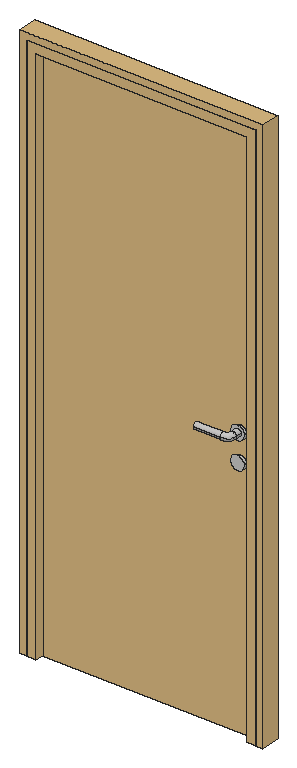
Revit family "BRU_Дверь_Межкомнатная", category Двери, Revit 2021
Family settings
  Основа = Стена
  Номер OmniClass = 23.30.10.00
  Заголовок OmniClass = Doors
  Всегда вертикально = Да
  При загрузке вырезать с полостями = Нет
  Общий = Нет
  Точка принадлежности помещению = Нет
Parameters (values of type "ДМ 1 Рп 21х9 Г ПрБ")
  Ширина проема = 900 mm
  Функция = Наружные слои
  Угол на плане 30 = yes
  Толщина пола [instance] = 100 mm
  Тип полотна двери = АС-Полотно : Глухое
  Ручка двери = ADSK_Металл_Сталь нержавеющая
  Рама двери_Ширина справа = 50 mm
  Рама двери_Ширина слева = 50 mm
  Рама двери_Ширина внизу = 50 mm
  Рама двери_Ширина вверху = 50 mm
  Рама двери = ADSK_Древесина_Брус
  Полотно_Ширина = Rough Width - Коробка_Ширина * 2  # 800 mm
  Полотно_Высота = Rough Height - Коробка_Ширина  # 2020 mm
  Откосы_Ширина [instance] = 30 mm
  Определить тепловые свойства по = Тип схем
  Высота проема = 2070 mm
  BRU_1С = "Не классифицируется"
  ADSK_Обозначение = "ГОСТ 475-2016"  # constant formula
  Наличник двери = ADSK_Древесина_Брус
  Аналитическая конструкция = "<Нет>"
  ADSK_Этаж [instance] = ""
  ADSK_Примечание [instance] = ""
  ADSK_Позиция [instance] = ""
  ADSK_Наименование = "ДМ 1 Рп 21х9 Г ПрБ"
  Монтажный зазор_Сверху толщина = 25 mm
  Коробка_Ширина = 25 mm
  Коробка_Толщина = 70 mm
  Правая = yes
  Полотно двери = ADSK_Древесина_Брус
  Остекление двери = none
  Наличник_Ширина [instance] = 60 mm
  Наличник_Толщина [instance] = 10 mm
  Наличник снаружи [instance] = no
  Наличник внутри [instance] = no
  Монтажный зазор_Сбоку толщина = 25 mm
  Вставка_Глубина [instance] = 0 mm
  Левая = not(Правая)  # no
  Инструкция по семейству [instance] = ""
  Огибание наружных слоев [instance] = 0 mm
  Width [instance] = Ширина проема  # 900 mm
  Thickness = 40 mm
  Rough Width = Ширина проема - Монтажный зазор_Сбоку толщина * 2  # 850 mm
  Rough Height = Высота проема - Монтажный зазор_Сверху толщина  # 2045 mm
  Model = ""
  Manufacturer = ""
  Wall Closure = (empty or 0)
  Height [instance] = Высота проема  # 2070 mm
  Description = "Дверь деревянная"
  Construction Type = "Дверь деревянная"
  ADSK_Открывание = if(Правая, "Правая", "Левая")  # "Правая"
  ADSK_Наименование краткое = ""
  ADSK_Масса_Текст = ""
  ADSK_Количество [instance] = 0
  ADSK_Код изделия = ""
  ADSK_Зона [instance] = ""
  ADSK_Завод-изготовитель = ""
  ADSK_Единица измерения = ""
  ADSK_Группирование [instance] = ""
  ADSK_URL страницы изделия = ""
  ADSK_URL документации изделия = ""
Types (8, lengths in mm): name | Ширина проема | Полотно_Ширина | ADSK_Наименование | Монтажный зазор_Сверху толщина | Коробка_Ширина | Правая | Монтажный зазор_Сбоку толщина | Левая | Width | Rough Width | Rough Height | Description | ADSK_Открывание
  ДМ 1 Рл 21х8 Г ПрБ | 800 | 700 | "ДМ 1 Рп 21х9 Г ПрБ" | 25 | 25 | yes | 25 | no | 800 | 750 | 2045 | "Дверь деревянная" | "Правая"
  ДМ 1 Рп 21х8 Г ПрБ | 800 | 700 | "ДМ 1 Рп 21х8 Г ПрБ" | 25 | 25 | yes | 25 | no | 800 | 750 | 2045 | "Дверь деревянная" | "Правая"
  ДМ 1 Рп 21х9 Г ПрБ | 900 | 800 | "ДМ 1 Рп 21х9 Г ПрБ" | 25 | 25 | yes | 25 | no | 900 | 850 | 2045 | "Дверь деревянная" | "Правая"
  ДМ 1 Рл 21х9 Г ПрБ | 900 | 800 | "ДМ 1 Рл 21х9 Г ПрБ" | 25 | 25 | no | 25 | yes | 900 | 850 | 2045 | "Дверь деревянная" | "Левая"
  760х2080h | 800 | 700 | "ДГ 21-8" | 20 | 30 | yes | 20 | no | 800 | 760 | 2050 | "Дверь деревянная внутренняя глухая" | "Правая"
  860х2080h | 900 | 800 | "ДГ 21-9" | 20 | 30 | yes | 20 | no | 900 | 860 | 2050 | "Дверь деревянная внутренняя глухая" | "Правая"
  760х2080h Л | 800 | 700 | "ДГ 21-8 Л" | 20 | 30 | no | 20 | yes | 800 | 760 | 2050 | "Дверь деревянная внутренняя глухая" | "Левая"
  860х2080h Л | 900 | 800 | "ДГ 21-9 Л" | 20 | 30 | no | 20 | yes | 900 | 860 | 2050 | "Дверь деревянная внутренняя глухая" | "Левая"
Reference planes
  plane 1: y = 0
  plane 2 "По центру (Влево/Вправо)": x = 0
  plane 3 "Слева": x = -450
  plane 4 "Справа": x = 450
  plane 5: z = 2070
  plane 6 "Наружный": y = 50
  plane 7 "Внутренние": y = -50
  plane 8 "Вставка двери": y = 50
  plane 9 "Четверть сверху": z = 1920
  plane 10 "Полотно двери": y = 10
  plane 11 "Рама внутри": y = -20
  plane 12 "Монтажный зазор слева": x = -425
  plane 13 "Монтажный зазор справа": x = 425
  plane 14 "Монтажный зазор сверху": z = 2045
  plane 15 "Глубина огибания наружного слоя": y = 50
  plane 16: y = 60
  plane 17: y = -60
  plane 18: x = -400
  plane 19: x = 400
  plane 20: z = 1010
  plane 21 "Верх полотна": z = 2020
  plane 22 "Уровень плиты": z = -100
  plane 23: z = 0
Forms (mm)
  Sweep 1, solid, material "ADSK_Древесина_Брус" <- "Наличник двери", visible <- "Наличник снаружи", detail levels fine
    path origin (0, 50, 0) x (1, 0, 0) y (0, 0, 1)
      loop
        line (-450, 0) -> (-450, 2070) -> (450, 2070) -> (450, 0)
    profile origin (-450, 50, 1035) x (-1, 0, 0) y (0, -1, 0)
      loop
        line (-25, 0) -> (-25, -5)
        arc (-25, -5) -> (-23.536, -8.536) -> (-20, -10) r 5
        line (-20, -10) -> (30, -10)
        arc (30, -10) -> (33.536, -8.536) -> (35, -5) r 5
        line (35, -5) -> (35, 0) -> (-25, 0)
  Sweep 2, solid, material "ADSK_Древесина_Брус" <- "Наличник двери", visible <- "Наличник внутри", detail levels fine
    path origin (0, -50, 0) x (1, 0, 0) y (0, 0, 1)
      loop
        line (-450, 0) -> (-450, 2070) -> (450, 2070) -> (450, 0)
    profile origin (-450, -50, 1035) x (-1, 0, 0) y (0, -1, 0)
      loop
        line (-25, 0) -> (35, 0) -> (35, 5)
        arc (35, 5) -> (33.536, 8.536) -> (30, 10) r 5
        line (30, 10) -> (-20, 10)
        arc (-20, 10) -> (-23.536, 8.536) -> (-25, 5) r 5
        line (-25, 5) -> (-25, 0)
  Sweep 3, solid, material "ADSK_Древесина_Брус" <- "Рама двери", detail levels medium+fine
    path origin (0, 50, 0) x (-1, 0, 0) y (0, 0, 1)
      loop
        line (425, 0) -> (425, 2045) -> (-425, 2045) -> (-425, 0)
    profile origin (425, 50, 1022.5) x (0, 1, 0) y (-1, 0, 0)
      loop
        line (0, 0) -> (0, 25) -> (-40, 25) -> (-40, 35) -> (-70, 35) -> (-70, 0) -> (0, 0)
  Sweep 4, solid, material "ADSK_Древесина_Брус" <- "Наличник двери", visible <- "Наличник внутри", detail levels fine
    path origin (0, -20, 0) x (-1, 0, 0) y (0, 0, 1)
      loop
        line (450, 0) -> (450, 2070) -> (-450, 2070) -> (-450, 0)
    profile origin (-450, -20, 1035) x (1, 0, 0) y (0, 1, 0)
      loop
        line (0, -35) -> (25, -35) -> (25, 0) -> (0, 0) -> (0, -35)
  Sweep 5, solid, material "ADSK_Древесина_Брус" <- "Наличник двери", visible <- "Наличник снаружи", detail levels fine
    path origin (0, 50, 0) x (-1, 0, 0) y (0, 0, 1)
      loop
        line (450, 0) -> (450, 2070) -> (-450, 2070) -> (-450, 0)
    profile origin (450, 50, 1035) x (0, 1, 0) y (-1, 0, 0)
      loop
        line (5, 0) -> (5, 25) -> (0, 25) -> (0, 0) -> (5, 0)
  Extrusion 6, solid, material "ADSK_Древесина_Брус" <- "Рама двери", detail levels medium+fine
    sketch origin (-2514.822, 50, 1200) x (-1, 0, 0) y (0, 0, 1)
      loop
        line (-2964.822, 870) -> (-2964.822, -1200) -> (-2939.822, -1200) -> (-2939.822, 845) -> (-2089.822, 845) -> (-2089.822, -1200) -> (-2064.822, -1200) -> (-2064.822, 870) -> (-2964.822, 870)
    from 0 to -70
Cuts and joins
  joined: Sweep 2, Sweep 4
  joined: Sweep 1, Sweep 5
Lines and regions (mm)
  Masking region 1, detail levels fine
    outline origin (0, 0, 0) x (0, 1, 0) y (0, 0, 1)
      loop
        line (-20, 2010) -> (10, 2010) -> (10, 2020) -> (50, 2020) -> (50, 2045) -> (-20, 2045) -> (-20, 2010)
  Masking region 2, detail levels fine
    outline origin (0, 0, 0) x (0, 1, 0) y (0, 0, 1)
      loop
        line (50, 2045) -> (50, 2070) -> (-20, 2070) -> (-20, 2045) -> (50, 2045)
  Masking region 3, detail levels fine
    outline origin (0, 0, 0) x (0, 1, 0) y (0, 0, 1)
      loop
        line (50, 0) -> (50, 2020) -> (10, 2020) -> (10, 0) -> (50, 0)
  Masking region 4, detail levels fine
    outline origin (0, 0, 0) x (0, 1, 0) y (0, 0, 1)
      loop
        line (-20, 2010) -> (-20, 0) -> (10, 0) -> (10, 2010) -> (-20, 2010)
  Masking region 5, detail levels medium
    outline origin (0, 0, 0) x (0, 1, 0) y (0, 0, 1)
      loop
        line (50, 0) -> (50, 2070) -> (-20, 2070) -> (-20, 0) -> (50, 0)
  Opening 1
    outline origin (-5000, -50, 0) x (1, 0, 0) y (0, 0, 1)
      loop
        line (5450, 2070) -> (4550, 2070) -> (4550, -100) -> (5450, -100) -> (5450, 2070)
  Masking region 6, detail levels medium+fine
    outline origin (0, 0, 930) x (0, 1, 0) y (0, 0, 1)
      loop
        line (-20, -930) -> (-20, 1140) -> (-50, 1140) -> (-50, -930) -> (-20, -930)
  symbolic lines, style "Открывание", visible <- "Правая", detail levels medium
    curve 1: line (-400, 50, 0) -> (400, 50, 1010)
    curve 2: line (400, 50, 1010) -> (-400, 50, 2020)
  symbolic lines, style "Открывание", visible <- "Левая", detail levels medium
    curve 3: line (400, 50, 0) -> (-400, 50, 1010)
    curve 4: line (-400, 50, 1010) -> (400, 50, 2020)
Text (mm)
  text "Наружный" at (-2295.016, 1099.543, 0), in view "Опорный уровень "
  text "Наружный" at (0, 1615.38, 3698.081), in view "Слева"
  text "Наружный" at (0, 1036.032, 3874.932), in view "Справа"
Dimensions and locks
  equal spacing: plane 12 "Монтажный зазор слева", plane 2 "По центру (Влево/Вправо)", plane 13 "Монтажный зазор справа"
  "Ширина проема": plane 3 "Слева" to plane 4 "Справа"
  "Rough Height": host wall to plane 14 "Монтажный зазор сверху"
  "Height": host wall to plane 5
  locked: plane 6 "Наружный" to host wall
  locked: plane 7 "Внутренние" to host wall
  "Вставка_Глубина": plane 6 "Наружный" to plane 8 "Вставка двери"
  "Коробка_Толщина": plane 8 "Вставка двери" to plane 11 "Рама внутри"
  "Thickness": plane 8 "Вставка двери" to plane 10 "Полотно двери"
  "Огибание наружных слоев": plane 6 "Наружный" to plane 15 "Глубина огибания наружного слоя"
  "Наличник_Ширина": Sweep 2 sketch curve to Sweep 2 sketch curve
  locked: Sweep 2 sketch curve to Sweep 2 sketch curve at 5  (x4)
  locked: Sweep 1 sketch curve to Sweep 1 sketch curve at 5
  "Коробка_Ширина": Sweep 3 sketch curve to profile plane
  locked: Sweep 3 sketch curve to Sweep 3 sketch curve at 10
  locked: Sweep 4 sketch curve to plane 17 at 5
  "Наличник_Толщина": plane 7 "Внутренние" to plane 17
  "Наличник_Толщина": plane 16 to plane 6 "Наружный"
  locked: plane 16 to Sweep 1 sketch curve at 5  (x2)
  locked: plane 16 to Sweep 5 sketch curve at 5
  "Откосы_Ширина": plane 7 "Внутренние" to plane 11 "Рама внутри"
  equal spacing: plane 3 "Слева", plane 2 "По центру (Влево/Вправо)", plane 4 "Справа"
  "Rough Width": plane 12 "Монтажный зазор слева" to plane 13 "Монтажный зазор справа"
  "Коробка_Ширина": plane 12 "Монтажный зазор слева" to plane 18
  "Коробка_Ширина": plane 19 to plane 13 "Монтажный зазор справа"
  equal spacing: level, plane 20, plane 21 "Верх полотна"
  "Коробка_Ширина": plane 21 "Верх полотна" to plane 14 "Монтажный зазор сверху"
  "Наличник_Ширина": Sweep 1 sketch curve to plane 12 "Монтажный зазор слева"
  locked: Sweep 1 sketch curve to plane 12 "Монтажный зазор слева" at 5
  "Толщина пола": plane 22 "Уровень плиты" to plane 23
  aligned and locked: plane 1 to host wall
  aligned and locked: Sweep 2 sketch curve to plane 3 "Слева"
  aligned and locked: Sweep 2 sketch curve to plane 5
  aligned and locked: Sweep 2 sketch curve to plane 4 "Справа"
  aligned and locked: level to Sweep 2 sketch curve  (x2)
  aligned and locked: Sweep 2 sketch curve to plane 7 "Внутренние"
  aligned and locked: Sweep 3 sketch curve to plane 13 "Монтажный зазор справа"
  aligned and locked: Sweep 3 sketch curve to plane 14 "Монтажный зазор сверху"
  aligned and locked: Sweep 3 sketch curve to plane 12 "Монтажный зазор слева"
  aligned and locked: level to Sweep 3 sketch curve  (x2)
  aligned and locked: profile plane to Sweep 3 sketch curve
  aligned and locked: plane 11 "Рама внутри" to Sweep 3 sketch curve
  aligned and locked: plane 8 "Вставка двери" to Sweep 3 sketch curve
  aligned and locked: plane 10 "Полотно двери" to Sweep 3 sketch curve
  aligned and locked: Sweep 2 sketch curve to plane 12 "Монтажный зазор слева"
  aligned and locked: plane 3 "Слева" to Sweep 4 sketch curve
  aligned and locked: plane 5 to Sweep 4 sketch curve
  aligned and locked: plane 4 "Справа" to Sweep 4 sketch curve
  aligned and locked: level to Sweep 4 sketch curve  (x2)
  aligned and locked: Sweep 4 sketch curve to plane 3 "Слева"
  aligned and locked: Sweep 4 sketch curve to plane 12 "Монтажный зазор слева"
  aligned and locked: Sweep 4 sketch curve to plane 11 "Рама внутри"
  aligned and locked: profile plane to Sweep 1 sketch curve
  aligned and locked: level to Sweep 5 sketch curve  (x2)
  aligned and locked: plane 8 "Вставка двери" to Sweep 5 sketch curve
  aligned and locked: plane 17 to Sweep 2 sketch curve
  aligned and locked: plane 16 to Sweep 1 sketch curve
  aligned and locked: Masking region 1 sketch curve to Sweep 3  (x2)
  aligned and locked: plane 10 "Полотно двери" to Masking region 1 sketch curve
  aligned and locked: plane 11 "Рама внутри" to Masking region 1 sketch curve
  aligned and locked: plane 8 "Вставка двери" to Masking region 1 sketch curve
  aligned and locked: plane 14 "Монтажный зазор сверху" to Masking region 1 sketch curve
  aligned and locked: plane 8 "Вставка двери" to Masking region 2 sketch curve
  aligned and locked: plane 11 "Рама внутри" to Masking region 2 sketch curve
  aligned and locked: plane 14 "Монтажный зазор сверху" to Masking region 2 sketch curve
  aligned and locked: plane 5 to Masking region 2 sketch curve
  aligned and locked: plane 8 "Вставка двери" to Masking region 3 sketch curve
  aligned and locked: plane 10 "Полотно двери" to Masking region 3 sketch curve
  aligned and locked: level to Masking region 3 sketch curve
  aligned and locked: Masking region 3 sketch curve to Sweep 3
  aligned and locked: Masking region 4 sketch curve to Sweep 3
  aligned and locked: plane 11 "Рама внутри" to Masking region 4 sketch curve
  aligned and locked: plane 10 "Полотно двери" to Masking region 4 sketch curve
  aligned and locked: level to Masking region 4 sketch curve
  aligned and locked: plane 8 "Вставка двери" to Masking region 5 sketch curve
  aligned and locked: plane 11 "Рама внутри" to Masking region 5 sketch curve
  aligned and locked: plane 5 to Masking region 5 sketch curve
  aligned and locked: level to Masking region 5 sketch curve
  aligned and locked: Extrusion 6 sketch curve to plane 4 "Справа"
  aligned and locked: Extrusion 6 sketch curve to plane 3 "Слева"
  aligned and locked: Extrusion 6 sketch curve to plane 5
  aligned and locked: Extrusion 6 sketch curve to plane 14 "Монтажный зазор сверху"
  aligned and locked: Extrusion 6 sketch curve to plane 12 "Монтажный зазор слева"
  aligned and locked: Extrusion 6 sketch curve to plane 13 "Монтажный зазор справа"
  aligned and locked: Extrusion 6 sketch curve to level
  aligned and locked: Extrusion 6 to plane 11 "Рама внутри"
  aligned and locked: plane 8 "Вставка двери" to Extrusion 6
  aligned and locked: nested 1 to plane 8 "Вставка двери"
  aligned and locked: nested 1 to plane 3 "Слева"
  aligned and locked: nested 2 to plane 3 "Слева"
  aligned and locked: plane 8 "Вставка двери" to nested 2
  aligned and locked: nested 3 to plane 8 "Вставка двери"
  aligned and locked: nested 3 to plane 18
  aligned and locked: nested 3 to plane 19
  aligned and locked: nested 4 to plane 8 "Вставка двери"
  aligned and locked: nested 4 to plane 18
  aligned and locked: plane 8 "Вставка двери" to nested 5
  aligned and locked: nested 5 to plane 19
  aligned and locked: curve 3 to Sweep 3
  aligned and locked: Sweep 3 to curve 1
  aligned and locked: plane 21 "Верх полотна" to curve 2
  aligned and locked: plane 21 "Верх полотна" to curve 4
  aligned and locked: plane 20 to curve 2
  aligned and locked: plane 20 to curve 4
  aligned and locked: level to curve 1
  aligned and locked: level to curve 3
  aligned and locked: plane 18 to curve 2
  aligned and locked: plane 19 to curve 4
  aligned and locked: plane 19 to curve 2
  aligned and locked: plane 18 to curve 4
  aligned and locked: plane 3 "Слева" to Sweep 1 sketch curve
  aligned and locked: plane 4 "Справа" to Sweep 1 sketch curve
  aligned and locked: plane 5 to Sweep 1 sketch curve
  aligned and locked: Sweep 1 sketch curve to plane 12 "Монтажный зазор слева"
  aligned and locked: Sweep 5 sketch curve to plane 3 "Слева"
  aligned and locked: Sweep 5 sketch curve to plane 4 "Справа"
  aligned and locked: plane 5 to Sweep 5 sketch curve
  aligned and locked: plane 4 "Справа" to Sweep 5 sketch curve
  aligned and locked: Sweep 5 sketch curve to plane 13 "Монтажный зазор справа"
  aligned and locked: plane 4 "Справа" to Opening 1 sketch curve
  aligned and locked: plane 3 "Слева" to Opening 1 sketch curve
  aligned and locked: plane 5 to Opening 1 sketch curve
  aligned and locked: Opening 1 sketch curve to plane 22 "Уровень плиты"
  aligned and locked: level to Masking region 6
  aligned and locked: plane 5 to Masking region 6
  aligned and locked: plane 23 to level
  aligned and locked: Masking region 6 to plane 11 "Рама внутри"
  aligned and locked: Masking region 6 to plane 7 "Внутренние"
  aligned and locked: plane 23 to nested 3
Automatic sketch dimensions
  Sweep 1 sketch curve to level = 0 mm  (x2)
  Extrusion 6 sketch curve to level = 0 mm
  Masking region 6 sketch curve to plane 11 "Рама внутри" = 30 mm
  Masking region 6 sketch curve to host wall = 70 mm
  Masking region 6 sketch curve to plane 20 = 1010 mm
  Masking region 6 sketch curve to plane 5 = 0 mm
Nested families
  nested 1: "АС-Однопольная-Обозначение на плане" at (0, 50, 0), Height <- "Height", Rough Width <- "Rough Width", Thickness <- "Thickness", visible <- "Левая", Width <- "Width", type "АС-Стандарт"
    with Width 900 mm, Thickness 40 mm, Rough Width 850 mm, Height 2070 mm, Ширина проема 900 mm, Полотно_Ширина 800 mm, Монтажный_Зазор 25 mm, Коробка_Ширина_Полная 40 mm, Коробка_Ширина 25 mm, Коробка_Толщина 70 mm
  nested 2: "АС-Однопольная-Обозначение на плане" at (0, 50, 0) x (-1, 0, 0) z (0, 0, 1), Height <- "Height", Rough Width <- "Rough Width", Thickness <- "Thickness", visible <- "Правая", Width <- "Width", type "АС-Стандарт"
    with Width 900 mm, Thickness 40 mm, Rough Width 850 mm, Height 2070 mm, Ширина проема 900 mm, Полотно_Ширина 800 mm, Монтажный_Зазор 25 mm, Коробка_Ширина_Полная 40 mm, Коробка_Ширина 25 mm, Коробка_Толщина 70 mm
  nested 3: "АС-Полотно" at (0, 50, 0), Рама.Ширина справа <- "Рама двери_Ширина справа", Рама.Ширина слева <- "Рама двери_Ширина слева", Рама.Ширина внизу <- "Рама двери_Ширина внизу", Рама.Ширина вверху <- "Рама двери_Ширина вверху", Полотно двери.Толщина <- "Thickness", Полотно двери.Ширина <- "Полотно_Ширина", type <- "Тип полотна двери", Фурнитура <- "Ручка двери", Полотно двери <- "Полотно двери", Остекление двери <- "Остекление двери", Полотно двери.Высота <- "Полотно_Высота", type "Глухое"
    with Фурнитура ADSK_Металл_Сталь нержавеющая, Рама.Ширина справа 50 mm, Рама.Ширина слева 50 mm, Рама.Ширина внизу 50 mm, Рама.Ширина вверху 50 mm, Полотно двери.Ширина 800 mm, Полотно двери.Толщина 40 mm, Полотно двери.Высота 2020 mm, Полотно двери ADSK_Древесина_Брус, Остекление двери none
  nested 4: "АС-Ручка двери" at (-400, 50, 0), Полотно двери.Толщина <- "Thickness", visible <- "Левая", Ручка двери <- "Ручка двери", type "АС-Стандарт"
    with Ручка двери ADSK_Металл_Сталь нержавеющая, Полотно двери.Толщина 40 mm, Отступ ручки от края 60 mm
  nested 5: "АС-Ручка двери" at (400, 50, 0) x (-1, 0, 0) z (0, 0, 1), Полотно двери.Толщина <- "Thickness", visible <- "Правая", Ручка двери <- "Ручка двери", type "АС-Стандарт"
    with Ручка двери ADSK_Металл_Сталь нержавеющая, Полотно двери.Толщина 40 mm, Отступ ручки от края 60 mm
Definition of nested family "АС-Полотно"
  Parameters
    Фурнитура [instance] = none
    Рама.Ширина справа [instance] = 50 mm
    Рама.Ширина слева [instance] = 50 mm
    Рама.Ширина внизу [instance] = 50 mm
    Рама.Ширина вверху [instance] = 50 mm
    Остекленное = not(Глухое)  # no
    Полотно двери.Ширина [instance] = 1000 mm
    Полотно двери.Толщина [instance] = 40 mm
    Полотно двери.Высота [instance] = 2100 mm
    Полотно двери [instance] = none
    Глухое = yes
    Остекление двери [instance] = none
    Default Elevation = 0 mm
  Reference planes
    plane 1 "Center (Front/Back)": y = 0
    plane 2: z = 0
    plane 3 "Center (Left/Right)": x = 0
    plane 4: x = -500
    plane 5: x = 500
    plane 6 "Back": y = -40
    plane 7: z = 2100
    plane 8 "Остекление снаружи": y = -8
    plane 9 "Остекление внутри": y = -32
    plane 10 "Ширина рамы справа": x = -450
    plane 11 "Ширина рамы слева": x = 450
    plane 12 "Ширина рамы внизу": z = 50
    plane 13 "Ширина рамы вверху": z = 2050
  Forms (mm)
    Extrusion 1, solid, material <- "Полотно двери", visible <- "Глухое", detail levels medium+fine
      sketch origin (0, 0, 0) x (1, 0, 0) y (0, 0, 1)
        loop
          line (-500, 2100) -> (-500, 0) -> (500, 0) -> (500, 2100) -> (-500, 2100)
      from 0 to 40 <- "Полотно двери.Толщина"
    Extrusion 2, solid, material <- "Полотно двери", visible <- "Остекленное", detail levels medium+fine
      sketch origin (0, 0, 0) x (1, 0, 0) y (0, 0, 1)
        loop
          line (-500, 2100) -> (-500, 0) -> (500, 0) -> (500, 2100) -> (-500, 2100)
        loop
          line (-450, 50) -> (450, 50) -> (450, 2050) -> (-450, 2050) -> (-450, 50)
      from 0 to 40
    Extrusion 3, solid, material <- "Остекление двери", visible <- "Остекленное", detail levels medium+fine
      sketch origin (-646.608, -8, 1200) x (-1, 0, 0) y (0, 0, 1)
        loop
          line (-196.608, 850) -> (-1096.608, 850) -> (-1096.608, -1150) -> (-196.608, -1150) -> (-196.608, 850)
      from 0 to -24
  Dimensions and locks
    "Полотно двери.Толщина": plane 1 "Center (Front/Back)" to plane 6 "Back"
    equal spacing: plane 4, plane 3 "Center (Left/Right)", plane 5
    "Полотно двери.Ширина": plane 4 to plane 5
    "Полотно двери.Высота": plane 7 to plane 2
    locked: plane 9 "Остекление внутри" to plane 6 "Back" at 8
    locked: plane 1 "Center (Front/Back)" to plane 8 "Остекление снаружи" at 8
    "Рама.Ширина вверху": plane 7 to plane 13 "Ширина рамы вверху"
    "Рама.Ширина внизу": plane 12 "Ширина рамы внизу" to plane 2
    "Рама.Ширина справа": plane 5 to plane 11 "Ширина рамы слева"
    "Рама.Ширина слева": plane 10 "Ширина рамы справа" to plane 4
    plane 7 to plane 2 = 2100 mm
    aligned and locked: level to plane 2
    aligned and locked: Extrusion 1 sketch curve to plane 7
    aligned and locked: plane 4 to Extrusion 1 sketch curve
    aligned and locked: plane 2 to Extrusion 1 sketch curve
    aligned and locked: Extrusion 1 sketch curve to plane 5
    aligned and locked: Extrusion 1 to plane 1 "Center (Front/Back)"
    aligned and locked: Extrusion 1 to plane 6 "Back"
    aligned and locked: Extrusion 2 sketch curve to plane 4
    aligned and locked: Extrusion 2 sketch curve to plane 5
    aligned and locked: Extrusion 2 sketch curve to plane 7
    aligned and locked: Extrusion 2 sketch curve to plane 2
    aligned and locked: Extrusion 2 sketch curve to plane 12 "Ширина рамы внизу"
    aligned and locked: Extrusion 2 sketch curve to plane 10 "Ширина рамы справа"
    aligned and locked: Extrusion 2 sketch curve to plane 11 "Ширина рамы слева"
    aligned and locked: Extrusion 2 sketch curve to plane 13 "Ширина рамы вверху"
    aligned and locked: Extrusion 2 to plane 1 "Center (Front/Back)"
    aligned and locked: Extrusion 2 to plane 6 "Back"
    aligned and locked: plane 10 "Ширина рамы справа" to Extrusion 3 sketch curve
    aligned and locked: plane 11 "Ширина рамы слева" to Extrusion 3 sketch curve
    aligned and locked: plane 13 "Ширина рамы вверху" to Extrusion 3 sketch curve
    aligned and locked: plane 12 "Ширина рамы внизу" to Extrusion 3 sketch curve
    aligned and locked: Extrusion 3 to plane 8 "Остекление снаружи"
    aligned and locked: Extrusion 3 to plane 9 "Остекление внутри"
    aligned and locked: plane 7 to Extrusion 2
    aligned and locked: plane 4 to Extrusion 2
Definition of nested family "АС-Ручка двери"
  Parameters
    Ручка двери [instance] = none
    Полотно двери.Толщина [instance] = 40 mm
    Отступ ручки от края = 100 mm
    Высота расположения ручки = 1000 mm
    Default Elevation = 0 mm
  Reference planes
    plane 1 "Наружная сторона полотна": y = 0
    plane 2: z = 0
    plane 3 "Край полотна": x = 0
    plane 4 "Вертикаль расположения": x = 100
    plane 5 "Горизонталь расположения": z = 1000
    plane 6 "Внутренняя сторона полотна": y = -40
  Forms (mm)
    Sweep 1, solid, material <- "Ручка двери", detail levels fine
      path origin (0, 0, 1000) x (1, 0, 0) y (0, 1, 0)
        loop
          line (220, 50) -> (120, 50)
          arc (120, 50) -> (105.858, 44.142) -> (100, 30) r 20
          line (100, 30) -> (100, -70)
          arc (100, -70) -> (105.858, -84.142) -> (120, -90) r 20
          line (120, -90) -> (220, -90)
      profile origin (100, -20, 1000) x (1, 0, 0) y (0, 0, 1)
        loop
          circle (0, 0) r 12
    Extrusion 2, solid, material <- "Ручка двери", detail levels fine
      sketch origin (155, 0, 0) x (1, 0, 0) y (0, 0, 1)
        loop
          circle (-55, 1000) r 25
      from 48 to -8
    Extrusion 3, solid, material <- "Ручка двери", detail levels fine
      sketch origin (0, 0, 0) x (1, 0, 0) y (0, 0, 1)
        loop
          circle (100, 900) r 25
      from 48 to -8
  Cuts and joins
    joined: Sweep 1, Extrusion 2
  Dimensions and locks
    "Отступ ручки от края": plane 3 "Край полотна" to plane 4 "Вертикаль расположения"
    "Высота расположения ручки": plane 5 "Горизонталь расположения" to level
    "Полотно двери.Толщина": plane 1 "Наружная сторона полотна" to plane 6 "Внутренняя сторона полотна"
    locked: plane 1 "Наружная сторона полотна" to Extrusion 3 at 8
    locked: plane 1 "Наружная сторона полотна" to Extrusion 2 at 8
    locked: plane 6 "Внутренняя сторона полотна" to Extrusion 3 at 8
    locked: plane 6 "Внутренняя сторона полотна" to Extrusion 2 at 8
    locked: plane 4 "Вертикаль расположения" to Extrusion 2 sketch curve at 0
    locked: plane 5 "Горизонталь расположения" to Extrusion 2 sketch curve at 0
    locked: Extrusion 3 sketch curve to plane 5 "Горизонталь расположения" at 100
    locked: Extrusion 3 sketch curve to plane 4 "Вертикаль расположения"
    locked: plane 1 "Наружная сторона полотна" to Sweep 1 sketch curve at 50
    locked: plane 6 "Внутренняя сторона полотна" to Sweep 1 sketch curve at 50
    locked: plane 4 "Вертикаль расположения" to Sweep 1 sketch curve at 120  (x2)
    locked: Sweep 1 sketch curve to plane 5 "Горизонталь расположения"
    locked: plane 4 "Вертикаль расположения" to Sweep 1 sketch curve at 0
    aligned and locked: Sweep 1 sketch curve to plane 4 "Вертикаль расположения"
  Automatic sketch dimensions
    plane 4 "Вертикаль расположения" to Sweep 1 sketch curve = 20 mm  (x2)
    radius of Sweep 1 sketch curve = 12 mm
    radius of Extrusion 2 sketch curve = 25 mm
    radius of Extrusion 3 sketch curve = 25 mm
Definition of nested family "АС-Однопольная-Обозначение на плане"
  Parameters (values of type "АС-Стандарт")
    Ширина проема = 800 mm
    Полотно_Ширина = Ширина проема - Коробка_Ширина * 2 - Монтажный_Зазор * 2  # 700 mm
    Открывание двери 90 = not(Открывание двери 30)  # no
    Открывание двери 30 = yes
    Монтажный_Зазор = 20 mm
    Линия открывания (дуга) = not(Открывание двери 30)  # no
    Коробка_Ширина_Полная = 56 mm
    Коробка_Ширина = 30 mm
    Коробка_Толщина = 80 mm
    Width [instance] = Ширина проема  # 800 mm
    Thickness [instance] = 40 mm
    Rough Width [instance] = 960 mm
    Height [instance] = 2100 mm
    Default Elevation = 0 mm
    Analytic Construction = "<Нет>"
  Reference planes
    plane 1 "Center (Front/Back)": y = 0
    plane 2: z = 0
    plane 3 "Center (Left/Right)": x = 0
    plane 4 "Полотно.Слева": x = -380
    plane 5 "Полотно справа": x = 380
    plane 6 "Проем.Слева": x = -400
    plane 7 "Проем.Справа": x = 400
    plane 8 "Полотно. Внутренняя сторона": y = -40
    plane 9 "Коробка. Внутренняя сторона": y = -80
    plane 10 "Коробка.Внутренняя сторона слева": x = -350
    plane 11 "Коробка. Внутренняя сторона справа": x = 350
  Lines and regions (mm)
    Masking region 1, detail levels fine
      outline origin (0, 0, 0) x (1, 0, 0) y (0, 1, 0)
        loop
          line (-400, -80) -> (-380, -80) -> (-380, 0) -> (-400, 0) -> (-400, -80)
    Masking region 2, detail levels fine
      outline origin (0, 0, 0) x (1, 0, 0) y (0, 1, 0)
        loop
          line (400, -80) -> (400, 0) -> (380, 0) -> (380, -80) -> (400, -80)
    Masking region 3, detail levels fine
      outline origin (0, 0, 0) x (1, 0, 0) y (0, 1, 0)
        loop
          line (-380, 0) -> (-380, -80) -> (-324, -80) -> (-324, -40) -> (-350, -40) -> (-350, 0) -> (-380, 0)
    Masking region 4, detail levels fine
      outline origin (0, 0, 0) x (1, 0, 0) y (0, 1, 0)
        loop
          line (380, 0) -> (350, 0) -> (350, -40) -> (324, -40) -> (324, -80) -> (380, -80) -> (380, 0)
    Masking region 5, visible <- "Открывание двери 90", detail levels fine
      outline origin (0, 0, 0) x (1, 0, 0) y (0, 1, 0)
        loop
          line (350, 0) -> (350, 700) -> (310, 700) -> (310, 0) -> (350, 0)
    Masking region 6, visible <- "Открывание двери 30", detail levels fine
      outline origin (0, 0, 0) x (1, 0, 0) y (0, 1, 0)
        loop
          line (350, 0) -> (-256.218, 350) -> (-276.218, 315.359) -> (330, -34.641) -> (350, 0)
    symbolic lines, visible <- "Открывание двери 30", detail levels medium
      curve 1: line (400, 0, 0) -> (-292.82, 400, 0)
    symbolic lines, visible <- "Открывание двери 90", detail levels medium
      curve 2: line (400, 0, 0) -> (400, 800, 0)
    symbolic lines, visible <- "Линия открывания (дуга)", detail levels medium
      curve 3: arc (400, 800, 0) -> (-165.685, 565.685, 0) -> (-400, 0, 0) r 800
    symbolic lines, visible <- "Линия открывания (дуга)", detail levels fine
      curve 4: arc (-350, 0, 0) -> (-144.975, 494.975, 0) -> (350, 700, 0) r 700
    model lines
      curve 5: line (0, 0, 0) -> (0, 0, 2100)
    symbolic lines, visible <- "Открывание двери 30", detail levels fine
      curve 6: arc (-350, 0, 0) -> (-332.544, 162.406, 0) -> (-277.926, 316.345, 0) r 700.008
  Dimensions and locks
    "Thickness": plane 1 "Center (Front/Back)" to plane 8 "Полотно. Внутренняя сторона"
    equal spacing: plane 6 "Проем.Слева", plane 3 "Center (Left/Right)", plane 7 "Проем.Справа"
    "Width": plane 6 "Проем.Слева" to plane 7 "Проем.Справа"
    plane 1 "Center (Front/Back)" to plane 9 "Коробка. Внутренняя сторона" = 80 mm
    "Коробка_Толщина": plane 9 "Коробка. Внутренняя сторона" to plane 1 "Center (Front/Back)"
    "Ширина проема": curve 1 to curve 1
    "Ширина проема": plane 1 "Center (Front/Back)" to curve 2
    "Коробка_Ширина_Полная": Masking region 3 sketch curve to Masking region 3 sketch curve
    "Полотно_Ширина": plane 1 "Center (Front/Back)" to Masking region 5 sketch curve
    "Thickness": Masking region 5 sketch curve to plane 11 "Коробка. Внутренняя сторона справа"
    "Полотно_Ширина": Masking region 6 sketch curve to Masking region 6 sketch curve
    "Thickness": Masking region 6 sketch curve to Masking region 6 sketch curve
    "Height": curve 5 to level
    "Коробка_Ширина_Полная": Masking region 4 sketch curve to Masking region 4 sketch curve
    "Монтажный_Зазор": plane 6 "Проем.Слева" to plane 4 "Полотно.Слева"
    "Монтажный_Зазор": plane 5 "Полотно справа" to plane 7 "Проем.Справа"
    "Коробка_Ширина": plane 4 "Полотно.Слева" to plane 10 "Коробка.Внутренняя сторона слева"
    "Коробка_Ширина": plane 11 "Коробка. Внутренняя сторона справа" to plane 5 "Полотно справа"
    "Ширина проема": radius of curve 3
    "Полотно_Ширина": radius of curve 4
    angle curve 1 to plane 1 "Center (Front/Back)" = 30.00°
    locked: Masking region 6 sketch curve to plane 1 "Center (Front/Back)" (angle 30.00°)
    aligned and locked: level to plane 2
    aligned and locked: Masking region 1 sketch curve to plane 9 "Коробка. Внутренняя сторона"
    aligned and locked: plane 6 "Проем.Слева" to Masking region 1 sketch curve
    aligned and locked: Masking region 1 sketch curve to plane 1 "Center (Front/Back)"
    aligned and locked: plane 4 "Полотно.Слева" to Masking region 1 sketch curve
    aligned and locked: plane 9 "Коробка. Внутренняя сторона" to Masking region 2 sketch curve
    aligned and locked: Masking region 2 sketch curve to plane 7 "Проем.Справа"
    aligned and locked: plane 1 "Center (Front/Back)" to Masking region 2 sketch curve
    aligned and locked: plane 5 "Полотно справа" to Masking region 2 sketch curve
    aligned and locked: Masking region 3 sketch curve to plane 4 "Полотно.Слева"
    aligned and locked: Masking region 3 sketch curve to plane 10 "Коробка.Внутренняя сторона слева"
    aligned and locked: Masking region 3 sketch curve to plane 1 "Center (Front/Back)"
    aligned and locked: Masking region 3 sketch curve to plane 9 "Коробка. Внутренняя сторона"
    aligned and locked: Masking region 3 sketch curve to plane 8 "Полотно. Внутренняя сторона"
    aligned and locked: Masking region 4 sketch curve to plane 5 "Полотно справа"
    aligned and locked: Masking region 4 sketch curve to plane 11 "Коробка. Внутренняя сторона справа"
    aligned and locked: Masking region 4 sketch curve to plane 9 "Коробка. Внутренняя сторона"
    aligned and locked: Masking region 4 sketch curve to plane 8 "Полотно. Внутренняя сторона"
    aligned and locked: Masking region 4 sketch curve to plane 1 "Center (Front/Back)"
    aligned and locked: Masking region 4 to Masking region 5 sketch curve
    aligned and locked: Masking region 5 sketch curve to Masking region 4
    aligned and locked: plane 11 "Коробка. Внутренняя сторона справа" to Masking region 6 sketch curve
    aligned and locked: plane 2 to curve 5
    aligned and locked: plane 3 "Center (Left/Right)" to curve 5
    aligned and locked: curve 6 to Masking region 6
  Automatic sketch dimensions
    curve 3 to plane 6 "Проем.Слева" = 0 mm
    plane 1 "Center (Front/Back)" to curve 6 = 0 mm
    curve 6 to plane 10 "Коробка.Внутренняя сторона слева" = 0 mm
    curve 6 to plane 11 "Коробка. Внутренняя сторона справа" = 0.026 mm
    curve 6 to plane 1 "Center (Front/Back)" = 6.905 mm
    plane 1 "Center (Front/Back)" to Masking region 6 sketch curve = 0 mm
